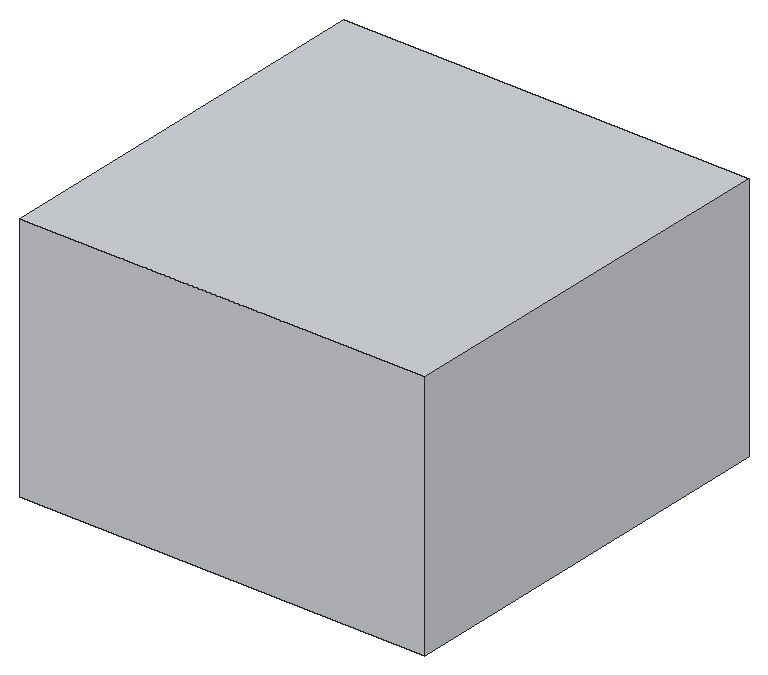
Revit family "test", category 柱, Revit 2025
Family settings
  OmniClass 编号 = 23.25.30.11.14.11
  OmniClass 标题 = Columns
  载入时剪切的空心 = 否
  将几何图形自动连接到墙 = 是
  共享 = 否
  在平面视图中显示族的预剪切 = 是
Parameters
  深度 = 600 mm
  宽度 = 600 mm
Reference planes
  plane 1 "中心(前/后)": y = 0
  plane 2: z = 0
  plane 3 "中心(左/右)": x = 0
  plane 4 "左": x = -300
  plane 5 "右": x = 300
  plane 6 "后": y = 300
  plane 7 "前": y = -300
Forms (mm)
  Extrusion 1, solid
    sketch origin (0, 0, 0) x (1, 0, 0) y (0, 1, 0)
      loop
        line (-300, 300) -> (-300, -300) -> (300, -300) -> (300, 300) -> (-300, 300)
    from 0 to 370.18
Dimensions and locks
  equal spacing: plane 4 "左", plane 3 "中心(左/右)", plane 5 "右"
  equal spacing: plane 7 "前", plane 1 "中心(前/后)", plane 6 "后"
  "宽度": plane 4 "左" to plane 5 "右"
  "深度": plane 7 "前" to plane 6 "后"
  aligned and locked: level to plane 2
Automatic sketch dimensions
  Extrusion 1 sketch curve to plane 4 "左" = 0 mm
  Extrusion 1 sketch curve to plane 5 "右" = 0 mm
  plane 7 "前" to Extrusion 1 sketch curve = 0 mm
  plane 6 "后" to Extrusion 1 sketch curve = 0 mm
